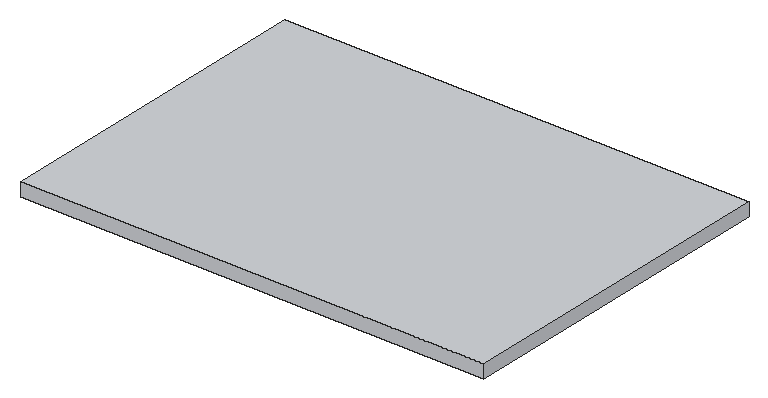
Revit family "AROHA - Bidet", category Aparatos sanitarios, Revit 2016
Family settings
  Anfitrión = Cara
  Tipo de pieza = Normal
  Cota de conector redondo = Diámetro de uso
  Número OmniClass = 23.45.05.14.14
  Título OmniClass = Sinks/Lavatories
  Corte con vacíos al cargar = No
  Compartido = No
  Punto de cálculo de habitación = No
Parameters
  WFU = 0
  URL = "http://www.griferiasgalindo.com"
  Sistema = "AFS / ACS"
  Referencia = "4607000"
  Notas de suministro = "Suministrados con latiguillos flexibles hembra de 1/2” y longitud 45 cm."
  Modelo = "AROHA Bidet"
  Material = Latón, cromado
  HWFU = 1
  Fabricante = "GALINDO"
  Email = "info@griferiasgalindo.com"
  Teléfono = "+34 93 680 13 15"
  Default Elevation = 48"
  Diámetro entrada = 3/4"
  Descripción = "Sistema de grifería para bidet."
  Código de montaje = "D2020"
  Comentarios de tipo = "Cartucho sellado mezclador con discos cerámicos de diámetro 35 mm."
  Cierre = "Manual"
  Caudal = 6.0 L/min
  CWFU = 1
  Accionamiento = "Por maneta"
Reference planes (in)
  plane 1 "Centro (Frontal/Posterior)": y = 0
  plane 2: z = 0
  plane 3 "Centro (Izquierda/Derecha)": x = 0
Forms (in)
  Extrusion 1, solid
    sketch origin (0, 0, 0) x (1, 0, 0) y (0, 1, 0)
      loop
        line (-6.44299, 4.74141) -> (-6.44299, -4.80498) -> (6.97478, -4.80498) -> (6.97478, 4.74141) -> (-6.44299, 4.74141)
    from 0 to -0.38452
Dimensions and locks (in)
  aligned and locked: plane 2 to Extrusion 1
  aligned and locked: level to Extrusion 1
Connectors (in)
  piping at (0.00016, -0.175, 0), diameter 0.75, driven by "Caudal", driven by "Diámetro entrada"
    settings: on import instance, index 1, connector inside diameter 609.6 mm, connector length 0", flow factor 0, pipe flow 6.0 L/min, pressure drop 0.0 Pa, fitting loss kfactor 0, connector angle 0.00°, fixture units 0, engagement length 0", angle of deflection 0.00°, flow configuration 0, flow direction 1, fitting loss method 0, system type 19, joint type 0, gender type 0, connector reference index -1, connector utility 0, adjustable connector no, is connector primary yes, connector description ""
